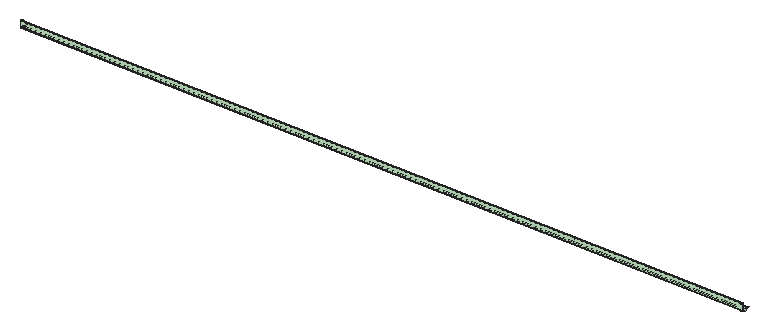
Revit family "cross-anafusagi", category 機械設備, Revit 2022
Family settings
  丸型コネクタ寸法 = 直径を使用
  種別 = なし
  パーツ タイプ = 標準
  作業面ベース = いいえ
  常に垂直 = はい
  ロード時にボイドで切り取り = いいえ
  注釈の向きを維持 = いいえ
  共有 = いいえ
  部屋計算ポイント = いいえ
Parameters
  製造元 = "株式会社桐井製作所"
  既定の高さ = 0 mm
  URL = "https://www.kirii.co.jp/"
  K_材質 = "カラー鋼板"
  K_品名 = "AXLL3032"
  K_名称 = "システム天井見切り"
  K_入数 = "20"
  K_バージョン情報 = "20220411"
Reference planes
  plane 1 "中心(正面/背面)": y = 0
  plane 2: z = 0
  plane 3 "中心(左/右)": x = 0
  plane 4: x = 3200
Forms (mm)
  Extrusion 1, solid
    sketch origin (0, 0, 0) x (0, 1, 0) y (0, 0, 1)
      loop
        line (2.741, 27.331) -> (3, 28.082) -> (2.239, 29.4)
        arc (2.239, 29.4) -> (0.889, 29.959) -> (0, 28.8) r 1.2
        line (0, 28.8) -> (0, 1.2)
        arc (0, 1.2) -> (0.351, 0.351) -> (1.2, 0) r 1.2
        line (1.2, 0) -> (14.4, 0)
        arc (14.4, 0) -> (14.824, -0.176) -> (15, -0.6) r 0.6
        line (15, -0.6) -> (15, -5.8)
        arc (15, -5.8) -> (15.555, -6.812) -> (16.707, -6.888) r 1.2
        line (16.707, -6.888) -> (31.307, -0.079)
        arc (31.307, -0.079) -> (31.99, 1.165) -> (31.008, 2.19) r 1.2
        line (31.008, 2.19) -> (29.249, 2.5) -> (28.632, 2) -> (30.904, 1.599)
        arc (30.904, 1.599) -> (31.395, 1.086) -> (31.054, 0.464) r 0.6
        line (31.054, 0.464) -> (16.454, -6.344)
        arc (16.454, -6.344) -> (15.878, -6.306) -> (15.6, -5.8) r 0.6
        line (15.6, -5.8) -> (15.6, -0.6)
        arc (15.6, -0.6) -> (15.249, 0.249) -> (14.4, 0.6) r 1.2
        line (14.4, 0.6) -> (1.2, 0.6)
        arc (1.2, 0.6) -> (0.776, 0.776) -> (0.6, 1.2) r 0.6
        line (0.6, 1.2) -> (0.6, 28.8)
        arc (0.6, 28.8) -> (1.045, 29.38) -> (1.72, 29.1) r 0.6
        line (1.72, 29.1) -> (2.741, 27.331)
    from 0 to 3200
Dimensions and locks
  plane 4 to plane 3 "中心(左/右)" = 3200 mm
  aligned and locked: level to plane 2
  aligned and locked: plane 4 to Extrusion 1
